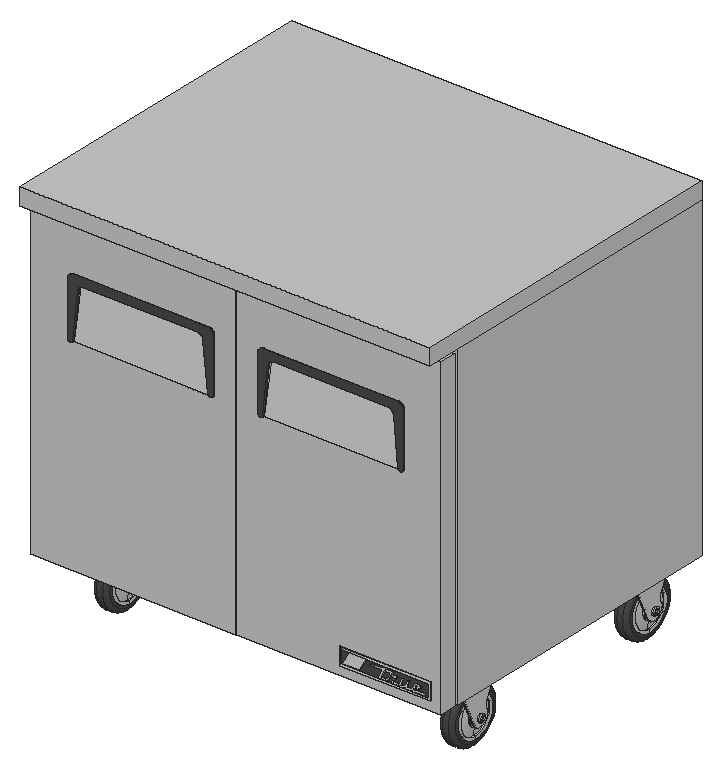
Revit family "QF_TRUE_TUC-36-HC", category Specialty Equipment, Revit 2016
Family settings
  Part Type = Normal
  Round Connector Dimension = Use Diameter
  Work Plane-Based = No
  Always vertical = Yes
  Cut with Voids When Loaded = No
  Shared = Yes
  Room Calculation Point = No
Parameters
  Weight in Pounds = 235
  Watts = FL Amps * Volts  # 230 W
  Volts = 115 V
  URL Manufacturer = "www.truemfg.com"
  URL = "www.truemfg.com"
  Type Mark [instance] = ""
  Status [instance] = ""
  Specification by User [instance] = ""
  Specification by Manufacturer = ""
  Show Seismic Flanged [instance] = no
  Show Low Profile Model [instance] = no
  Show Logo [instance] = yes
  Show Legs [instance] = no
  Show Clearance [instance] = yes
  Show Default Model [instance] = and(not(Show Seismic Flanged), not(Show ADA Compliant Model), not(Show Low Profile Model), not(Show Legs))  # yes
  Show ADA Compliant Model [instance] = no
  Serial Number = ""
  Seismic Rating = ""
  Seismic Plate [instance] = and(not(Show Default Model), Show Seismic Flanged)  # no
  SMACNA No = ""
  Revision Code [instance] = ""
  Phase = 1
  Omniclass Number and Title = ""
  Number of Poles [instance] = 1
  NAFEM Spec ID Number = ""
  Model = "TUC-36-HC"
  Min Ckt Ampacity = 0 A
  Max Overcurrent Protection = 0 A
  MasterSpec. = ""
  Manufacturer = "TRUE"
  Low Profile [instance] = and(not(Show Default Model), Show Low Profile Model)  # no
  Length = 36 3/8"
  Legs [instance] = and(not(Show Default Model), or(Show Legs, Show Seismic Flanged))  # no
  Item Number [instance] = ""
  Installed By [instance] = ""
  Identify Quantity as Lot [instance] = yes
  Height [instance] = 35 15/16"
  HP = "1/6"
  Furnished By [instance] = ""
  Foodservice Equipment Identifier [instance] = yes
  FL Amps = 2 A
  Electrical Remarks [instance] = ""
  Electric Connection Type [instance] = ""
  Elec Conn RI Height [instance] = 0"
  Elec Conn Connection Height [instance] = 0"
  Description = "UNDERCOUNTER: SOLID DOOR REFRIGERATOR WITH SPEC PACKAGE 1"
  Depth = 30 1/8"
  Cycle = 60 Hz
  Conn Plug = "NEMA 5-15P"
  Conn Conduit = yes
  CSI MasterFormat = ""
  CSI Master Format = ""
  Base Height [instance] = if(Show Default Model, 6 3/16", if(Legs, 6", if(ADA Compliant Model, 4 1/4", if(Show Low Profile Model, 2 1/8", 6 1/4"))))  # 6 3/16"
  Apparent Power = if(Phase = 3, Volts * FL Amps * 1.73, Volts * FL Amps)  # 230 VA
  ADA Compliant Model [instance] = and(not(Show Default Model), Show ADA Compliant Model)  # no
Reference planes (in)
  plane 1 "BACK": y = -16.5
  plane 2: z = 0
  plane 3 "LEFT": x = 0
  plane 4 "RIGHT": x = 36.375
  plane 5 "FRONT": y = -47.625
  plane 6 "TOP": z = 35.9375
  plane 7: z = 6.1875
  plane 8: y = -63.25
  plane 9: y = -17.5
  plane 10: x = 18.1875
  plane 11: z = 6.125
Dimensions and locks (in)
  "Length": plane 3 "LEFT" to plane 4 "RIGHT"
  plane 4 "RIGHT" to plane 3 "LEFT" = 36 3/8"
  plane 5 "FRONT" to plane 1 "BACK" = 31 1/8"  (x2)
  "Base Height": plane 7 to level
  plane 1 "BACK" to plane 8 = 46 3/4"
  locked: plane 6 "TOP" to plane 7 at 29.75
  "Height": plane 6 "TOP" to level
  equal spacing: plane 3 "LEFT", plane 10, plane 4 "RIGHT"
  "Depth": plane 5 "FRONT" to plane 9
  plane 7 to plane 11 = 1/16"
  plane 11 to plane 2 = 6 1/8"
  aligned and locked: level to plane 2
  aligned and locked: plane 3 "LEFT" to nested 1  (x2)
  aligned and locked: plane 7 to nested 1
  aligned and locked: nested 1 to plane 7
Nested families (in)
  nested 1: "TUC-36-HC" at (0, 0, 2.1875), Show Logo <- "Show Logo", Show Clearance <- "Show Clearance", type "TUC-36-HC"
    with Show Logo yes, Show Clearance yes
  nested 2: "CASTERS & LEGS" at (2.84375, -21.74082, 0), Legs <- "Legs", Seismic Plate <- "Seismic Plate", Show 4.25" Casters <- "ADA Compliant Model", type "CASTERS & LEGS"
    with Type Mark "", Status "", Specification by User "", Show 4.25" Casters no, Seismic Plate no, Revision Code "", Legs no, Item Number "", Installed By "", Identify Quantity as Lot yes, Furnished By "", Foodservice Equipment Identifier yes
  nested 3: "CASTERS & LEGS" at (33.53125, -21.74082, 0), Legs <- "Legs", Seismic Plate <- "Seismic Plate", Show 4.25" Casters <- "ADA Compliant Model", type "CASTERS & LEGS"
    with Type Mark "", Status "", Specification by User "", Show 4.25" Casters no, Seismic Plate no, Revision Code "", Legs no, Item Number "", Installed By "", Identify Quantity as Lot yes, Furnished By "", Foodservice Equipment Identifier yes
  nested 4: "CASTERS & LEGS" at (33.53125, -41.06531, 0), Legs <- "Legs", Seismic Plate <- "Seismic Plate", Show 4.25" Casters <- "ADA Compliant Model", type "CASTERS & LEGS"
    with Type Mark "", Status "", Specification by User "", Show 4.25" Casters no, Seismic Plate no, Revision Code "", Legs no, Item Number "", Installed By "", Identify Quantity as Lot yes, Furnished By "", Foodservice Equipment Identifier yes
  nested 5: "CASTERS & LEGS" at (2.84375, -41.06531, 0), Legs <- "Legs", Seismic Plate <- "Seismic Plate", Show 4.25" Casters <- "ADA Compliant Model", type "CASTERS & LEGS"
    with Type Mark "", Status "", Specification by User "", Show 4.25" Casters no, Seismic Plate no, Revision Code "", Legs no, Item Number "", Installed By "", Identify Quantity as Lot yes, Furnished By "", Foodservice Equipment Identifier yes
  nested 6: "CASTERS" at (2.84375, -41.06531, 0), Show 6" Casters <- "Show Default Model", type "CASTERS"
    with Type Mark "", Status "", Specification by User "", Show 6" Casters yes, Revision Code "", Item Number "", Installed By "", Identify Quantity as Lot yes, Furnished By "", Foodservice Equipment Identifier yes
  nested 7: "CASTERS" at (2.84375, -21.74082, 0), Show 6" Casters <- "Show Default Model", type "CASTERS"
    with Type Mark "", Status "", Specification by User "", Show 6" Casters yes, Revision Code "", Item Number "", Installed By "", Identify Quantity as Lot yes, Furnished By "", Foodservice Equipment Identifier yes
  nested 8: "CASTERS" at (33.53125, -41.06531, 0), Show 6" Casters <- "Show Default Model", type "CASTERS"
    with Type Mark "", Status "", Specification by User "", Show 6" Casters yes, Revision Code "", Item Number "", Installed By "", Identify Quantity as Lot yes, Furnished By "", Foodservice Equipment Identifier yes
  nested 9: "CASTERS" at (33.53125, -21.74082, 0), Show 6" Casters <- "Show Default Model", type "CASTERS"
    with Type Mark "", Status "", Specification by User "", Show 6" Casters yes, Revision Code "", Item Number "", Installed By "", Identify Quantity as Lot yes, Furnished By "", Foodservice Equipment Identifier yes
  nested 10: "LOW PROFILE CASTERS" at (2.84375, -21.74082, 0), Show Casters <- "Low Profile", type "LOW PROFILE CASTERS"
    with Type Mark "", Status "", Specification by User "", Show Casters no, Revision Code "", Item Number "", Installed By "", Identify Quantity as Lot yes, Furnished By "", Foodservice Equipment Identifier yes
  nested 11: "LOW PROFILE CASTERS" at (33.53125, -41.06531, 0), Show Casters <- "Low Profile", type "LOW PROFILE CASTERS"
    with Type Mark "", Status "", Specification by User "", Show Casters no, Revision Code "", Item Number "", Installed By "", Identify Quantity as Lot yes, Furnished By "", Foodservice Equipment Identifier yes
  nested 12: "LOW PROFILE CASTERS" at (2.84375, -41.06531, 0), Show Casters <- "Low Profile", type "LOW PROFILE CASTERS"
    with Type Mark "", Status "", Specification by User "", Show Casters no, Revision Code "", Item Number "", Installed By "", Identify Quantity as Lot yes, Furnished By "", Foodservice Equipment Identifier yes
  nested 13: "LOW PROFILE CASTERS" at (33.53125, -21.74082, 0), Show Casters <- "Low Profile", type "LOW PROFILE CASTERS"
    with Type Mark "", Status "", Specification by User "", Show Casters no, Revision Code "", Item Number "", Installed By "", Identify Quantity as Lot yes, Furnished By "", Foodservice Equipment Identifier yes
Connectors (in)
  electrical at (32.87821, -17.5, 11.9375), driven by "Volts", driven by "Watts"
    settings: on nested 1, index 1, voltage 115 V, apparent load 230 VA, apparent load phase1 0 VA, apparent load phase2 0 VA, apparent load phase3 0 VA, power factor 1, load classification "Other", number of poles 1, system type 30, power factor state 1, is connector primary yes, connector utility no, sub classification motor no, connector description "ELECTRICAL CONNECTION"
Definition of nested family "TUC-36-HC"
  Parameters (values of type "TUC-36-ADA-HC")
    URL = ""
    Show Logo [instance] = yes
    Show Clearance [instance] = yes
    Show Casters [instance] = yes
    Model = ""
    Manufacturer = ""
    Description = ""
    Assembly Code = ""
  Reference planes (in)
    plane 1 "BACK": y = -16.5
    plane 2: z = 0
    plane 3 "LEFT": x = 0
    plane 4 "RIGHT": x = 36.375
    plane 5 "FRONT": y = -47.625
    plane 6 "TOP": z = 33.75
    plane 7: z = 4
    plane 8: y = -46.625
    plane 9: y = -41.06531
    plane 10: x = 18.1875
    plane 11: y = -17.5
    plane 12: y = -47.5625
    plane 13: z = 27.63
    plane 14: z = 22.15093
    plane 15: z = 27.63
    plane 16: z = 22.15093
  Forms (in)
    Extrusion 1, solid
      sketch origin (0, -1, -2.25) x (0, 1, 0) y (0, 0, 1)
        loop
          line (-46.625, 36) -> (-46.625, 34.5) -> (-16.5, 34.5) -> (-16.5, 36) -> (-46.625, 36)
      from 0 to 36.375
    Extrusion 2, solid
      sketch origin (0, -1, -2.25) x (0, 1, 0) y (0, 0, 1)
        loop
          line (-43.495, 34.5) -> (-43.495, 6.25) -> (-16.5, 6.25) -> (-16.5, 34.5) -> (-43.495, 34.5)
      from 0 to 36.1875
    Extrusion 3, solid
      sketch origin (0, -13.375, -2.25) x (1, 0, 0) y (0, 0, 1)
        loop
          line (36.375, 6.25) -> (36.375, 34.28323) -> (18.21875, 34.28323) -> (18.21875, 6.25) -> (36.375, 6.25)
        loop
          line (0, 34.28323) -> (0, 6.25) -> (18.15625, 6.25) -> (18.15625, 34.28323) -> (0, 34.28323)
      from 31.44201 to 33
    Extrusion 4, solid
      sketch origin (0, 2.875, -2.25) x (0, 1, 0) y (0, 0, 1)
        loop
          line (-47.69201, 33.8406) -> (-47.69201, 6.82675) -> (-47.37, 6.82675) -> (-47.37, 33.8406) -> (-47.69201, 33.8406)
      from 0.5 to 36
    Extrusion 5, solid
      sketch origin (16.66923, -1, -1.72683) x (0, 1, 0) y (0, 0, 1)
        loop
          line (-43.495, 33.97683) -> (-43.495, 5.72683) -> (-16.5, 5.72683) -> (-16.5, 33.97683) -> (-43.495, 33.97683)
      from 19.51827 to 19.70577
    Extrusion 6, solid
      sketch origin (0, -16.5, -2.25) x (1, 0, 0) y (0, 0, 1)
        loop
          line (11.4375, 6.25) -> (11.4375, 4.375) -> (24.9375, 4.375) -> (24.9375, 6.25) -> (11.4375, 6.25)
      from 1.69409 to 21.69409
    Extrusion 7, solid
      sketch origin (-1.16554, -17.5, -2.25) x (1, 0, 0) y (0, 0, 1)
        loop
          circle (34.04375, 12) r 0.25
      from 0 to 0.0625
    Extrusion 8, solid, visible <- "Show Clearance", detail levels coarse
      sketch origin (17.8682, -37.72639, 0) x (-1, 0, 0) y (0, -1, 0)
        loop
          arc (-0.35055, 8.64861) -> (-5.6684, 21.48702) -> (-18.5068, 26.80486) r 18.15625
          line (-18.5068, 26.80486) -> (-18.5068, 8.64861) -> (-0.35055, 8.64861)
        loop
          line (-0.28805, 8.64861) -> (17.8682, 8.64861) -> (17.8682, 26.80486)
          arc (17.8682, 26.80486) -> (5.02979, 21.48702) -> (-0.28805, 8.64861) r 18.15625
      from 4 to 32.03323
    Revolve 9, solid
      sketch origin (0, -16.5155, 21) x (1, 0, 0) y (0, 1, 0)
        loop
          line (30.60203, -0.9845) -> (31.07078, -0.9845) -> (31.07078, 0.0155) -> (30.60203, 0.0155) -> (30.60203, -0.9845)
        axis (30.60203, -0.9845) -> (30.60203, 0.0155)
      angle from 0 to 360
    Revolve 10, solid
      sketch origin (-12.93057, -16.5155, 21) x (1, 0, 0) y (0, 1, 0)
        loop
          line (18.64104, -0.9845) -> (19.10979, -0.9845) -> (19.10979, 0.0155) -> (18.64104, 0.0155) -> (18.64104, -0.9845)
        axis (18.64104, -0.9845) -> (18.64104, 0.0155)
      angle from 0 to 360
    Extrusion 11, void
      sketch origin (9.75, -13.78209, 48) x (0, -1, 0) y (0, 0, 1)
        loop
          line (32.59291, -20.37) -> (31.52391, -20.37) -> (32.59291, -25.84907) -> (32.59291, -20.37)
      from -6 to 6
    Extrusion 12, solid
      sketch origin (-2.25, -46.375, 0) x (1, 0, 0) y (0, 0, 1)
        loop
          line (5.52833, 27.13) -> (5.52833, 22.36054)
          arc (5.52833, 22.36054) -> (5.74774, 22.11831) -> (6.01044, 22.31274) r 0.24342
          line (6.01044, 22.31274) -> (6.44945, 26.42717)
          arc (6.44945, 26.42717) -> (6.61215, 26.74648) -> (6.94671, 26.87491) r 0.5
          line (6.94671, 26.87491) -> (17.05329, 26.87491)
          arc (17.05329, 26.87491) -> (17.38785, 26.74648) -> (17.55055, 26.42717) r 0.5
          line (17.55055, 26.42717) -> (17.98956, 22.31274)
          arc (17.98956, 22.31274) -> (18.25226, 22.11831) -> (18.47166, 22.36054) r 0.24342
          line (18.47166, 22.36054) -> (18.47166, 27.13)
          arc (18.47166, 27.13) -> (18.32522, 27.48356) -> (17.97166, 27.63) r 0.5
          line (17.97166, 27.63) -> (6.02833, 27.63)
          arc (6.02833, 27.63) -> (5.67478, 27.48356) -> (5.52833, 27.13) r 0.5
      from 0 to 0.0625
    Extrusion 13, void
      sketch origin (26.625, -13.78209, 48) x (0, -1, 0) y (0, 0, -1)
        loop
          line (32.59291, 20.37) -> (32.59291, 25.84907) -> (31.52391, 20.37) -> (32.59291, 20.37)
      from -6 to 6
    Extrusion 14, solid
      sketch origin (38.625, -46.375, 0) x (-1, 0, 0) y (0, 0, -1)
        loop
          arc (5.52833, -27.13) -> (5.67478, -27.48356) -> (6.02833, -27.63) r 0.5
          line (6.02833, -27.63) -> (17.97166, -27.63)
          arc (17.97166, -27.63) -> (18.32522, -27.48356) -> (18.47166, -27.13) r 0.5
          line (18.47166, -27.13) -> (18.47166, -22.36054)
          arc (18.47166, -22.36054) -> (18.25226, -22.11831) -> (17.98956, -22.31274) r 0.24342
          line (17.98956, -22.31274) -> (17.55055, -26.42717)
          arc (17.55055, -26.42717) -> (17.38785, -26.74648) -> (17.05329, -26.87491) r 0.5
          line (17.05329, -26.87491) -> (6.94671, -26.87491)
          arc (6.94671, -26.87491) -> (6.61215, -26.74648) -> (6.44945, -26.42717) r 0.5
          line (6.44945, -26.42717) -> (6.01044, -22.31274)
          arc (6.01044, -22.31274) -> (5.74774, -22.11831) -> (5.52833, -22.36054) r 0.24342
          line (5.52833, -22.36054) -> (5.52833, -27.13)
      from 0 to 0.0625
  Cuts and joins
    joined: Extrusion 2, Extrusion 5
    Extrusion 11, Extrusion 13 cuts Extrusion 3
    Extrusion 13 cuts Extrusion 8
  Lines and regions (in)
    symbolic lines
      curve 1: line (0, -17.5, 0) -> (36.375, -17.5, 0)
      curve 2: line (0, -47.625, 0) -> (0, -17.5, 0)
      curve 3: line (36.375, -47.625, 0) -> (0, -47.625, 0)
      curve 4: line (36.375, -17.5, 0) -> (36.375, -47.625, 0)
      curve 5: line (6.17922, -16.5, 0) -> (5.24172, -16.5, 0)
      curve 6: line (6.17922, -16.5, 0) -> (6.17922, -17.5, 0)
      curve 7: line (5.24172, -16.5, 0) -> (5.24172, -17.5, 0)
      curve 8: line (30.13328, -16.5, 0) -> (31.07078, -16.5, 0)
      curve 9: line (30.13328, -16.5, 0) -> (30.13328, -17.5, 0)
      curve 10: line (31.07078, -16.5, 0) -> (31.07078, -17.5, 0)
    symbolic lines, visible <- "Show Clearance", detail levels coarse
      curve 11: arc (18.51322, -47.625, 0) -> (19.22553, -51.52294, 0) -> (20.77772, -55.16877, 0) r 17.90546
      curve 12: line (34.27029, -47.625, 0) -> (20.77772, -55.16877, 0)
      curve 13: arc (17.86178, -47.625, 0) -> (17.14947, -51.52294, 0) -> (15.59728, -55.16877, 0) r 17.90546
      curve 14: line (2.10471, -47.625, 0) -> (15.59728, -55.16877, 0)
  Dimensions and locks (in)
    plane 3 "LEFT" to plane 4 "RIGHT" = 36 3/8"
    plane 4 "RIGHT" to plane 3 "LEFT" = 36 3/8"
    plane 6 "TOP" to level = 33 3/4"
    plane 5 "FRONT" to plane 1 "BACK" = 31 1/8"  (x2)
    plane 7 to level = 4"
    plane 6 "TOP" to plane 7 = 29 3/4"
    equal spacing: plane 3 "LEFT", plane 10, plane 4 "RIGHT"
    plane 12 to plane 11 = 30 1/16"
    plane 5 "FRONT" to plane 11 = 30 1/8"
    aligned and locked: level to plane 2
    aligned and locked: plane 4 "RIGHT" to Extrusion 1
    aligned: plane 4 "RIGHT" to Extrusion 5
    aligned and locked: Extrusion 6 to Extrusion 3
  Automatic sketch dimensions
    curve 1 to plane 3 "LEFT" = 0"
    curve 13 to plane 3 "LEFT" = 0"
    curve 14 to plane 12 = 1/16"
    plane 1 "BACK" to curve 7 = 0"
    curve 7 to plane 11 = 0"
    plane 1 "BACK" to curve 9 = 0"
    curve 4 to plane 4 "RIGHT" = 0"
    curve 11 to plane 4 "RIGHT" = 0"
    curve 5 to curve 6 = 15/16"
    plane 10 to curve 14 = 2.59022"
    curve 12 to plane 10 = 2.59022"
    curve 9 to plane 4 "RIGHT" = 6.24172"
    curve 8 to curve 10 = 15/16"
    plane 5 "FRONT" to curve 12 = 7.54377"
    curve 14 to curve 11 = 0"
    plane 8 to curve 13 = 1/4"
    plane 8 to curve 11 = 1/4"
    plane 3 "LEFT" to curve 14 = 2.10471"
    curve 12 to plane 4 "RIGHT" = 2.10471"
    Extrusion 1 sketch curve to plane 12 = 1/16"
    Extrusion 1 sketch curve to plane 11 = 0"
    Extrusion 1 sketch curve to plane 6 "TOP" = 0"
    Extrusion 1 sketch curve to Extrusion 1 sketch curve = 1 1/2"
    Extrusion 2 sketch curve to plane 7 = 0"
    Extrusion 2 sketch curve to plane 11 = 0"
    plane 8 to Extrusion 2 sketch curve = 2.13"
    Extrusion 2 sketch curve to plane 6 "TOP" = 1 1/2"
    Extrusion 3 sketch curve to plane 3 "LEFT" = 0"
    Extrusion 3 sketch curve to plane 7 = 0"  (x2)
    Extrusion 3 sketch curve to plane 4 "RIGHT" = 0"
    plane 10 to Extrusion 3 sketch curve = 1/32"
    Extrusion 3 sketch curve to plane 10 = 1/32"
    Extrusion 3 sketch curve to plane 6 "TOP" = 1.71677"
    Extrusion 3 sketch curve to Extrusion 3 sketch curve = 0"
    plane 7 to Extrusion 4 sketch curve = 0.57675"
    plane 8 to Extrusion 4 sketch curve = 1.80799"
    Extrusion 4 sketch curve to Extrusion 4 sketch curve = 0.32201"
    Extrusion 4 sketch curve to plane 6 "TOP" = 2.1594"
    Extrusion 5 sketch curve to plane 7 = 0"
    Extrusion 5 sketch curve to plane 11 = 0"
    plane 8 to Extrusion 5 sketch curve = 2.13"
    Extrusion 5 sketch curve to plane 6 "TOP" = 1 1/2"
    Extrusion 6 sketch curve to plane 7 = 0"
    Extrusion 6 sketch curve to plane 7 = 1 7/8"
    plane 10 to Extrusion 6 sketch curve = 6 3/4"
    Extrusion 6 sketch curve to plane 10 = 6 3/4"
    Extrusion 7 sketch curve to plane 4 "RIGHT" = 3.49679"
    plane 7 to Extrusion 7 sketch curve = 5 3/4"
    Extrusion 8 sketch curve to plane 4 "RIGHT" = 0"
    Extrusion 8 sketch curve to plane 3 "LEFT" = 0"
    Extrusion 8 sketch curve to plane 10 = 1/32"
    plane 10 to Extrusion 8 sketch curve = 1/32"
    plane 8 to Extrusion 8 sketch curve = 1/4"  (x2)
    Revolve 9 sketch curve to plane 11 = 0"
    plane 1 "BACK" to Revolve 9 sketch curve = 0"  (x2)
    Revolve 9 sketch curve to plane 4 "RIGHT" = 5.77297"
    Revolve 9 sketch curve to Revolve 9 sketch curve = 15/32"
    Revolve 9 sketch curve to Revolve 9 sketch curve = 0"
    Revolve 9 sketch curve to plane 1 "BACK" = 1/4"
    Revolve 10 sketch curve to plane 11 = 0"
    plane 1 "BACK" to Revolve 10 sketch curve = 0"
    plane 3 "LEFT" to Revolve 10 sketch curve = 5.71047"
    Revolve 10 sketch curve to Revolve 10 sketch curve = 15/32"
    Revolve 10 sketch curve to Revolve 10 sketch curve = 0"
    Revolve 10 sketch curve to Revolve 10 sketch curve = 0.0155"
    Revolve 10 sketch curve to plane 1 "BACK" = 0.2345"
    Extrusion 11 sketch curve to plane 13 = 0"
    Extrusion 11 sketch curve to plane 14 = 0"
    plane 8 to Extrusion 11 sketch curve = 1.319"
    plane 8 to Extrusion 11 sketch curve = 1/4"
    plane 3 "LEFT" to Extrusion 12 sketch curve = 3.27833"
    Extrusion 12 sketch curve to Extrusion 12 sketch curve = 0.24342"  (x2)
    Extrusion 12 sketch curve to Extrusion 12 sketch curve = 0.23868"  (x2)
    Extrusion 12 sketch curve to Extrusion 12 sketch curve = 1/2"
    Extrusion 12 sketch curve to Extrusion 12 sketch curve = 0.42112"
    Extrusion 12 sketch curve to Extrusion 12 sketch curve = 0.49726"  (x2)
    plane 10 to Extrusion 12 sketch curve = 3.38421"
    Extrusion 12 sketch curve to Extrusion 12 sketch curve = 0.91838"
    plane 10 to Extrusion 12 sketch curve = 2.44794"
    Extrusion 12 sketch curve to plane 6 "TOP" = 11.43726"  (x2)
    Extrusion 12 sketch curve to Extrusion 12 sketch curve = 4.06217"  (x2)
    Extrusion 12 sketch curve to Extrusion 12 sketch curve = 0.05226"
    Extrusion 12 sketch curve to Extrusion 12 sketch curve = 0.70283"
    Extrusion 13 sketch curve to plane 15 = 0"
    Extrusion 13 sketch curve to plane 16 = 0"
    plane 8 to Extrusion 13 sketch curve = 1.319"
    plane 8 to Extrusion 13 sketch curve = 1/4"
    Extrusion 14 sketch curve to plane 4 "RIGHT" = 3.27833"
    Extrusion 14 sketch curve to Extrusion 14 sketch curve = 0.24342"  (x2)
    Extrusion 14 sketch curve to Extrusion 14 sketch curve = 0.23868"  (x2)
    Extrusion 14 sketch curve to Extrusion 14 sketch curve = 1/2"
    Extrusion 14 sketch curve to Extrusion 14 sketch curve = 0.42112"
    Extrusion 14 sketch curve to Extrusion 14 sketch curve = 0.49726"  (x2)
    Extrusion 14 sketch curve to plane 10 = 3.38421"
    Extrusion 14 sketch curve to Extrusion 14 sketch curve = 0.91838"
    Extrusion 14 sketch curve to plane 10 = 2.44794"
    Extrusion 14 sketch curve to plane 6 "TOP" = 6.12"
    Extrusion 14 sketch curve to Extrusion 14 sketch curve = 0.25509"
    Extrusion 14 sketch curve to Extrusion 14 sketch curve = 0.44774"  (x2)
    Extrusion 14 sketch curve to Extrusion 14 sketch curve = 4.06664"  (x2)
    plane 3 "LEFT" to curve 7 = 5.24172"
    radius of Extrusion 7 sketch curve = 1/4"
  Nested families (in)
    nested 1: "QF_LOGO_TRUE" at (27.4375, -46.4375, 4.84725), Show Logo <- "Show Logo", type "QF_LOGO_TRUE", detail levels medium+fine
      with Show Logo yes
  Definition of nested family "QF_LOGO_TRUE"
    Parameters (values of type "QF_LOGO_TRUE")
      Show Logo [instance] = yes
    Reference planes (in)
      plane 1 "Center (Front/Back)": y = 0
      plane 2: z = 0
      plane 3 "Center (Left/Right)": x = 0
    Forms (in)
      Extrusion 1, solid, visible <- "Show Logo"
        sketch origin (-78.34647, 34.76905, -30.51001) x (1, 0, 0) y (0, 0, 1)
          loop
            line (81.15226, 31.65456) -> (81.07353, 31.48573) -> (82.12083, 31.48573)
            arc (82.12083, 31.48573) -> (82.14208, 31.44814) -> (82.12083, 31.41055) r 0.04386
            line (82.12083, 31.41055) -> (81.84767, 30.82478)
            arc (81.84767, 30.82478) -> (81.84531, 30.77052) -> (81.882, 30.73048) r 0.07096
            line (81.882, 30.73048) -> (82.55165, 30.73048)
            arc (82.55165, 30.73048) -> (82.63621, 30.75714) -> (82.69019, 30.82748) r 0.14742
            line (82.69019, 30.82748) -> (82.90515, 31.28847) -> (83.10265, 31.28847)
            arc (83.10265, 31.28847) -> (83.15447, 31.26942) -> (83.14697, 31.21472) r 0.04405
            line (83.14697, 31.21472) -> (82.9671, 30.82899)
            arc (82.9671, 30.82899) -> (82.9699, 30.76493) -> (83.02398, 30.73048) r 0.06943
            line (83.02398, 30.73048) -> (83.6124, 30.73048)
            arc (83.6124, 30.73048) -> (83.65748, 30.74689) -> (83.68147, 30.78844) r 0.07014
            arc (83.68147, 30.78844) -> (83.69845, 30.74745) -> (83.73943, 30.73048) r 0.05796
            line (83.73943, 30.73048) -> (84.112, 30.73048)
            arc (84.112, 30.73048) -> (84.15504, 30.74201) -> (84.18655, 30.77352) r 0.08608
            arc (84.18655, 30.77352) -> (84.20164, 30.7371) -> (84.23806, 30.72202) r 0.0515
            line (84.23806, 30.72202) -> (84.76757, 30.72202)
            arc (84.76757, 30.72202) -> (84.81086, 30.73995) -> (84.8288, 30.78324) r 0.06122
            arc (84.8288, 30.78324) -> (84.86848, 30.74355) -> (84.92269, 30.72903) r 0.10842
            line (84.92269, 30.72903) -> (85.91461, 30.72903) -> (86.02479, 30.91987) -> (85.0243, 30.91987)
            arc (85.0243, 30.91987) -> (84.99669, 30.93902) -> (84.99566, 30.97261) r 0.03732
            line (84.99566, 30.97261) -> (85.01297, 31.00972)
            arc (85.01297, 31.00972) -> (85.03954, 31.04453) -> (85.0813, 31.05774) r 0.07263
            line (85.0813, 31.05774) -> (85.40289, 31.05774)
            arc (85.40289, 31.05774) -> (85.4723, 31.07633) -> (85.52311, 31.12715) r 0.13882
            line (85.52311, 31.12715) -> (85.61625, 31.28847)
            arc (85.61625, 31.28847) -> (85.61625, 31.37458) -> (85.54168, 31.41763) r 0.08611
            line (85.54168, 31.41763) -> (85.20227, 31.41763)
            arc (85.20227, 31.41763) -> (85.11574, 31.40294) -> (85.05538, 31.33923) r 0.13863
            line (85.05538, 31.33923) -> (84.89409, 30.99333)
            arc (84.89409, 30.99333) -> (84.84649, 30.9313) -> (84.77191, 30.90778) r 0.13002
            line (84.77191, 30.90778) -> (84.41984, 30.90778)
            arc (84.41984, 30.90778) -> (84.3777, 30.95378) -> (84.38042, 31.0161) r 0.08151
            line (84.38042, 31.0161) -> (84.56766, 31.41763) -> (84.44849, 31.41763) -> (84.25012, 30.99222)
            arc (84.25012, 30.99222) -> (84.21158, 30.94199) -> (84.15119, 30.92296) r 0.10527
            line (84.15119, 30.92296) -> (83.90842, 30.92296)
            arc (83.90842, 30.92296) -> (83.8674, 30.97642) -> (83.87619, 31.04323) r 0.08805
            line (83.87619, 31.04323) -> (84.05078, 31.41763) -> (83.92772, 31.41763) -> (83.72676, 30.98668)
            arc (83.72676, 30.98668) -> (83.68011, 30.94003) -> (83.61639, 30.92296) r 0.12745
            line (83.61639, 30.92296) -> (83.26484, 30.92296)
            arc (83.26484, 30.92296) -> (83.2017, 30.9524) -> (83.19563, 31.0218) r 0.06967
            line (83.19563, 31.0218) -> (83.31118, 31.26961) -> (83.47452, 31.26961)
            arc (83.47452, 31.26961) -> (83.50209, 31.35268) -> (83.56075, 31.41763) r 0.21289
            line (83.56075, 31.41763) -> (82.92244, 31.41763)
            arc (82.92244, 31.41763) -> (82.85151, 31.40191) -> (82.80242, 31.34834) r 0.12081
            line (82.80242, 31.34834) -> (82.6294, 30.9773)
            arc (82.6294, 30.9773) -> (82.58962, 30.93752) -> (82.53528, 30.92296) r 0.10869
            line (82.53528, 30.92296) -> (82.1542, 30.92296)
            arc (82.1542, 30.92296) -> (82.12446, 30.96315) -> (82.13012, 31.01283) r 0.06822
            line (82.13012, 31.01283) -> (82.38156, 31.48573) -> (83.01596, 31.48573) -> (83.09469, 31.65456) -> (82.46029, 31.65456) -> (82.53902, 31.8234) -> (82.31334, 31.8234) -> (82.23461, 31.65456) -> (81.15226, 31.65456)
          loop
            arc (85.15937, 31.26434) -> (85.13191, 31.25698) -> (85.1118, 31.23688) r 0.05494
            line (85.1118, 31.23688) -> (85.09547, 31.18665)
            arc (85.09547, 31.18665) -> (85.10304, 31.16837) -> (85.12133, 31.16079) r 0.02586
            line (85.12133, 31.16079) -> (85.39889, 31.16079)
            arc (85.39889, 31.16079) -> (85.41888, 31.16523) -> (85.43513, 31.1777) r 0.04731
            line (85.43513, 31.1777) -> (85.44863, 31.2402)
            arc (85.44863, 31.2402) -> (85.44466, 31.25693) -> (85.42914, 31.26434) r 0.01994
            line (85.42914, 31.26434) -> (85.15937, 31.26434)
          loop
            line (78.62961, 30.74125) -> (80.12032, 30.74125) -> (80.73891, 31.81268) -> (79.2482, 31.81268) -> (78.62961, 30.74125)
        from 34.76797 to 34.83173
      Extrusion 2, solid, visible <- "Show Logo"
        sketch origin (-142.84857, 34.75108, -33.3546) x (1, 0, 0) y (0, 0, 1)
          loop
            line (150.81107, 34.71978) -> (142.98607, 34.71978) -> (142.98607, 33.4921) -> (150.81107, 33.4921) -> (150.81107, 34.71978)
        from 34.75108 to 34.78125
      Extrusion 3, solid, visible <- "Show Logo"
        sketch origin (-142.84857, 34.75108, -33.3546) x (1, 0, 0) y (0, 0, 1)
          loop
            line (150.94857, 34.85727) -> (142.84857, 34.85727) -> (142.84857, 33.3546) -> (150.94857, 33.3546) -> (150.94857, 34.85727)
          loop
            line (142.98607, 34.71978) -> (142.98607, 33.4921) -> (150.81107, 33.4921) -> (150.81107, 34.71978) -> (142.98607, 34.71978)
        from 34.75108 to 34.81376
      Extrusion 4, solid, not visible
        sketch origin (121.45701, -16.5, 4.98235) x (1, 0, 0) y (0, 0, 1)
          loop
            line (25.20115, 35.89949) -> (25.20115, 33.96647) -> (30.95381, 33.96647) -> (30.95381, 35.89949) -> (25.20115, 35.89949)
        from 31.5 to 31.54261
      Extrusion 5, solid, not visible
        sketch origin (121.45701, -16.5, 4.98235) x (1, 0, 0) y (0, 0, 1)
          loop
            line (26.7387, 34.95472) -> (26.61492, 34.49276) -> (27.038, 34.49276)
            arc (27.038, 34.49276) -> (27.13117, 34.52484) -> (27.18485, 34.60749) r 0.15134
            arc (27.18485, 34.60749) -> (27.20396, 34.68138) -> (27.22435, 34.75493) r 4.37326
            arc (27.22435, 34.75493) -> (27.23458, 34.81765) -> (27.22435, 34.88037) r 0.1974
            arc (27.22435, 34.88037) -> (27.18247, 34.93579) -> (27.11563, 34.95472) r 0.10914
            line (27.11563, 34.95472) -> (26.7387, 34.95472)
          loop
            line (26.90201, 34.80638) -> (26.84645, 34.59903) -> (26.92855, 34.59903)
            arc (26.92855, 34.59903) -> (26.98205, 34.6185) -> (27.01051, 34.6678) r 0.08322
            line (27.01051, 34.6678) -> (27.02399, 34.74424)
            arc (27.02399, 34.74424) -> (27.01491, 34.78454) -> (26.97985, 34.80638) r 0.05353
            line (26.97985, 34.80638) -> (26.90201, 34.80638)
          loop
            line (27.45336, 34.66131) -> (27.76233, 34.66131) -> (27.78859, 34.73909)
            arc (27.78859, 34.73909) -> (27.7878, 34.82039) -> (27.73107, 34.87864) r 0.10925
            arc (27.73107, 34.87864) -> (27.68233, 34.8944) -> (27.63139, 34.89974) r 0.24595
            line (27.63139, 34.89974) -> (27.46708, 34.89974)
            arc (27.46708, 34.89974) -> (27.4068, 34.88073) -> (27.3535, 34.84677) r 0.2421
            arc (27.3535, 34.84677) -> (27.2897, 34.76363) -> (27.26702, 34.66131) r 0.2421
            line (27.26702, 34.66131) -> (27.26702, 34.54477)
            arc (27.26702, 34.54477) -> (27.31618, 34.4956) -> (27.38334, 34.47761) r 0.13431
            line (27.38334, 34.47761) -> (27.59054, 34.47761)
            arc (27.59054, 34.47761) -> (27.63459, 34.48281) -> (27.67622, 34.49812) r 0.18924
            line (27.67622, 34.49812) -> (27.73102, 34.61563)
            arc (27.73102, 34.61563) -> (27.68453, 34.59565) -> (27.63566, 34.58252) r 0.35376
            arc (27.63566, 34.58252) -> (27.55885, 34.56956) -> (27.48204, 34.58252) r 0.23415
            arc (27.48204, 34.58252) -> (27.44492, 34.61362) -> (27.45336, 34.66131) r 0.04838
          loop
            line (27.4842, 34.73042) -> (27.62012, 34.73042) -> (27.62621, 34.76496)
            arc (27.62621, 34.76496) -> (27.58961, 34.80242) -> (27.53739, 34.80638) r 0.0742
            arc (27.53739, 34.80638) -> (27.49747, 34.77773) -> (27.4842, 34.73042) r 0.0742
          loop
            line (27.91616, 34.97572) -> (27.78675, 34.49276) -> (27.98645, 34.49276) -> (28.11586, 34.97572) -> (27.91616, 34.97572)
          loop
            line (28.13678, 34.66131) -> (28.08755, 34.47761) -> (28.27134, 34.47761) -> (28.32056, 34.66131) -> (28.43674, 34.66131) -> (28.47974, 34.78864) -> (28.36519, 34.78864)
            arc (28.36519, 34.78864) -> (28.35733, 34.81649) -> (28.36921, 34.84288) r 0.04231
            arc (28.36921, 34.84288) -> (28.431, 34.8652) -> (28.49617, 34.85686) r 0.13988
            line (28.49617, 34.85686) -> (28.53544, 34.97317)
            arc (28.53544, 34.97317) -> (28.39725, 34.99096) -> (28.25905, 34.97317) r 0.54546
            arc (28.25905, 34.97317) -> (28.20849, 34.91994) -> (28.18197, 34.85147) r 0.1894
            line (28.18197, 34.85147) -> (28.17089, 34.78864) -> (28.11397, 34.78864) -> (28.07985, 34.66131) -> (28.13678, 34.66131)
          loop
            arc (28.74846, 34.89756) -> (28.65884, 34.88533) -> (28.56922, 34.89756) r 0.33455
            line (28.56922, 34.89756) -> (28.45669, 34.47761) -> (28.63593, 34.47761) -> (28.74846, 34.89756)
          loop
            arc (28.60398, 35.01195) -> (28.57699, 34.97173) -> (28.60398, 34.9315) r 0.04347
            line (28.60398, 34.9315) -> (28.75755, 34.9315)
            arc (28.75755, 34.9315) -> (28.78645, 34.96687) -> (28.77911, 35.01195) r 0.0556
            line (28.77911, 35.01195) -> (28.60398, 35.01195)
          loop
            line (28.95336, 34.66131) -> (29.26233, 34.66131) -> (29.28859, 34.73909)
            arc (29.28859, 34.73909) -> (29.2878, 34.82039) -> (29.23107, 34.87864) r 0.10925
            arc (29.23107, 34.87864) -> (29.18233, 34.8944) -> (29.13139, 34.89974) r 0.24595
            line (29.13139, 34.89974) -> (28.96708, 34.89974)
            arc (28.96708, 34.89974) -> (28.9068, 34.88073) -> (28.8535, 34.84677) r 0.2421
            arc (28.8535, 34.84677) -> (28.7897, 34.76363) -> (28.76702, 34.66131) r 0.2421
            line (28.76702, 34.66131) -> (28.76702, 34.54477)
            arc (28.76702, 34.54477) -> (28.81618, 34.4956) -> (28.88334, 34.47761) r 0.13431
            line (28.88334, 34.47761) -> (29.09054, 34.47761)
            arc (29.09054, 34.47761) -> (29.13459, 34.48281) -> (29.17622, 34.49812) r 0.18924
            line (29.17622, 34.49812) -> (29.23102, 34.61563)
            arc (29.23102, 34.61563) -> (29.18453, 34.59565) -> (29.13566, 34.58252) r 0.35376
            arc (29.13566, 34.58252) -> (29.05885, 34.56956) -> (28.98204, 34.58252) r 0.23415
            arc (28.98204, 34.58252) -> (28.94492, 34.61362) -> (28.95336, 34.66131) r 0.04838
          loop
            line (28.9842, 34.73042) -> (29.12012, 34.73042) -> (29.12621, 34.76496)
            arc (29.12621, 34.76496) -> (29.08961, 34.80242) -> (29.03739, 34.80638) r 0.0742
            arc (29.03739, 34.80638) -> (28.99747, 34.77773) -> (28.9842, 34.73042) r 0.0742
          loop
            line (29.41616, 34.97572) -> (29.28675, 34.49276) -> (29.48645, 34.49276) -> (29.61586, 34.97572) -> (29.41616, 34.97572)
          loop
            line (29.99836, 34.97572) -> (29.95192, 34.80242)
            arc (29.95192, 34.80242) -> (29.94473, 34.85705) -> (29.90102, 34.89059) r 0.07199
            arc (29.90102, 34.89059) -> (29.80023, 34.89941) -> (29.70251, 34.87322) r 0.29131
            arc (29.70251, 34.87322) -> (29.61806, 34.7652) -> (29.5896, 34.63108) r 0.30433
            line (29.5896, 34.63108) -> (29.5896, 34.55572)
            arc (29.5896, 34.55572) -> (29.61075, 34.50463) -> (29.66184, 34.48348) r 0.07224
            line (29.66184, 34.48348) -> (29.78537, 34.48348)
            arc (29.78537, 34.48348) -> (29.83854, 34.51313) -> (29.88504, 34.55243) r 0.31609
            line (29.88504, 34.55243) -> (29.86905, 34.49276) -> (30.05973, 34.49276) -> (30.18914, 34.97572) -> (29.99836, 34.97572)
          loop
            arc (29.84537, 34.75931) -> (29.79424, 34.71128) -> (29.77745, 34.64317) r 0.12371
            arc (29.77745, 34.64317) -> (29.80071, 34.59901) -> (29.85056, 34.59647) r 0.05045
            arc (29.85056, 34.59647) -> (29.90141, 34.64047) -> (29.92536, 34.7033) r 0.13769
            arc (29.92536, 34.7033) -> (29.90211, 34.75521) -> (29.84537, 34.75931) r 0.05543
          loop
            line (26.45047, 35.26762) -> (26.58211, 35.26762)
            arc (26.58211, 35.26762) -> (26.60467, 35.30821) -> (26.62126, 35.35157) r 0.3277
            arc (26.62126, 35.35157) -> (26.62714, 35.39992) -> (26.60877, 35.44503) r 0.09693
            arc (26.60877, 35.44503) -> (26.56454, 35.48868) -> (26.50462, 35.50516) r 0.12312
            arc (26.50462, 35.50516) -> (26.44158, 35.50565) -> (26.37854, 35.50546) r 5.76967
            arc (26.37854, 35.50546) -> (26.07462, 35.42923) -> (25.81045, 35.26076) r 0.97743
            line (25.81045, 35.26076) -> (25.85921, 35.26076)
            arc (25.85921, 35.26076) -> (26.08494, 35.39361) -> (26.3396, 35.45485) r 0.88817
            arc (26.3396, 35.45485) -> (26.41429, 35.44188) -> (26.47267, 35.39352) r 0.14748
            arc (26.47267, 35.39352) -> (26.48041, 35.32725) -> (26.45047, 35.26762) r 0.11636
          loop
            arc (26.35412, 35.17841) -> (26.19578, 35.0555) -> (26.00982, 34.98069) r 0.72453
            arc (26.00982, 34.98069) -> (25.9036, 34.95581) -> (25.79459, 34.9604) r 0.40201
            arc (25.79459, 34.9604) -> (25.7275, 34.98819) -> (25.69972, 35.05528) r 0.09488
            arc (25.69972, 35.05528) -> (25.71867, 35.12629) -> (25.77049, 35.17841) r 0.1425
            line (25.77049, 35.17841) -> (25.73665, 35.18748)
            arc (25.73665, 35.18748) -> (25.67632, 35.09876) -> (25.66924, 34.99171) r 0.20432
            arc (25.66924, 34.99171) -> (25.71443, 34.9227) -> (25.79473, 34.90384) r 0.11116
            arc (25.79473, 34.90384) -> (25.91172, 34.89904) -> (26.02716, 34.91862) r 0.56145
            arc (26.02716, 34.91862) -> (26.27675, 35.021) -> (26.49584, 35.17841) r 1.15683
            line (26.49584, 35.17841) -> (26.35412, 35.17841)
        from 31.54261 to 31.56272
    Dimensions and locks (in)
      aligned and locked: level to plane 2
      aligned and locked: Extrusion 2 to Extrusion 3  (x2)
      aligned and locked: Extrusion 2 sketch curve to Extrusion 3
Definition of nested family "CASTERS"
  Parameters
    Weight = ""
    URL Manufacturer = ""
    URL Cutsheet = ""
    URL = ""
    Type Mark [instance] = ""
    Status [instance] = ""
    Specification by User [instance] = ""
    Specification by Manufacturer = ""
    Show 6" Casters [instance] = yes
    Serial Number = ""
    Seismic Rating = ""
    SMACNA No = ""
    Revision Code [instance] = ""
    Omniclass Number and Title = ""
    NAFEM Spec ID Number = ""
    Model = ""
    MasterSpec. = ""
    Manufacturer = ""
    Item Number [instance] = ""
    Installed By [instance] = ""
    Identify Quantity as Lot [instance] = yes
    Furnished By [instance] = ""
    Foodservice Equipment Identifier [instance] = yes
    Description = ""
    CSI MasterFormat = ""
    CSI Master Format = ""
    Assembly Code = ""
  Reference planes (in)
    plane 1: z = 0
    plane 2 "RIGHT": x = 0
    plane 3 "FRONT": y = 0
    plane 4 "TOP": z = 6.25
  Forms (in)
    Revolve 1, solid, visible <- "Show 6" Casters"
      sketch origin (0, 2.21793, 0.25) x (0, 1, 0) y (0, 0, 1)
        loop
          line (-2.21793, 6) -> (-2.21793, 5.55584) -> (-0.93693, 5.55584) -> (-0.93693, 6) -> (-2.21793, 6)
        axis (-2.21793, 5.55584) -> (-2.21793, 6)
      angle from 0 to 360
    Extrusion 2, solid, visible <- "Show 6" Casters"
      sketch origin (-1.81294, 2.21793, 0) x (0, 1, 0) y (0, 0, 1)
        loop
          line (-3.37793, 5.80584) -> (-3.37793, 5.25584) -> (-3.23369, 5.25584)
          arc (-3.23369, 5.25584) -> (-3.1238, 5.20977) -> (-3.03725, 5.12786) r 0.33195
          line (-3.03725, 5.12786) -> (-1.55521, 1.94961)
          arc (-1.55521, 1.94961) -> (-0.54268, 1.81523) -> (-0.22336, 2.78544) r 0.8
          arc (-0.22336, 2.78544) -> (-0.27816, 2.89808) -> (-0.34988, 3.00079) r 0.8
          arc (-0.34988, 3.00079) -> (-0.37005, 3.3613) -> (-0.26088, 3.70547) r 1
          line (-0.26088, 3.70547) -> (0.31507, 4.78867)
          arc (0.31507, 4.78867) -> (-0.09241, 4.97284) -> (-0.5252, 5.08531) r 2.63
          line (-0.5252, 5.08531) -> (-0.54193, 5.25584) -> (-1.05793, 5.25584) -> (-1.05793, 5.80584) -> (-3.37793, 5.80584)
      from 0.78968 to 0.90247
    Extrusion 3, solid, visible <- "Show 6" Casters"
      sketch origin (0.13094, 2.21793, 0) x (0, 1, 0) y (0, 0, 1)
        loop
          line (-3.37793, 5.80584) -> (-3.37793, 5.25584) -> (-3.23369, 5.25584)
          arc (-3.23369, 5.25584) -> (-3.1238, 5.20977) -> (-3.03725, 5.12786) r 0.33195
          line (-3.03725, 5.12786) -> (-1.55521, 1.94961)
          arc (-1.55521, 1.94961) -> (-0.54268, 1.81523) -> (-0.22336, 2.78544) r 0.8
          arc (-0.22336, 2.78544) -> (-0.27816, 2.89808) -> (-0.34988, 3.00079) r 0.8
          arc (-0.34988, 3.00079) -> (-0.37005, 3.3613) -> (-0.26088, 3.70547) r 1
          line (-0.26088, 3.70547) -> (0.31507, 4.78867)
          arc (0.31507, 4.78867) -> (-0.09241, 4.97284) -> (-0.5252, 5.08531) r 2.63
          line (-0.5252, 5.08531) -> (-0.54193, 5.25584) -> (-1.05793, 5.25584) -> (-1.05793, 5.80584) -> (-3.37793, 5.80584)
      from 0.78968 to 0.90247
    Extrusion 4, solid, visible <- "Show 6" Casters"
      sketch origin (-1.93794, 2.21793, 0) x (0, 1, 0) y (0, 0, 1)
        loop
          line (-3.37793, 5.80584) -> (-3.37793, 5.25584) -> (-3.23369, 5.25584) -> (-0.7432, 5.03796) -> (0.2811, 4.72479) -> (0.31507, 4.78867)
          arc (0.31507, 4.78867) -> (-0.09241, 4.97284) -> (-0.5252, 5.08531) r 2.63
          line (-0.5252, 5.08531) -> (-0.54193, 5.25584) -> (-1.05793, 5.25584) -> (-1.05793, 5.80584) -> (-3.37793, 5.80584)
      from 1.02747 to 2.85669
    Revolve 5, solid, visible <- "Show 6" Casters"
      sketch origin (-1.93794, 1.21343, 0) x (1, 0, 0) y (0, 0, 1)
        loop
          line (0.5843, 2.5) -> (3.2907, 2.5) -> (3.2907, 2.6421) -> (3.2407, 2.6921) -> (3.1807, 2.6921) -> (3.1807, 2.8278) -> (2.7025, 2.8278) -> (2.7025, 3.22009) -> (2.5625, 3.30092) -> (2.42914, 4.125) -> (2.59375, 4.125) -> (2.59375, 4.375) -> (2.5625, 4.375) -> (2.5625, 4.625)
          arc (2.5625, 4.625) -> (2.45267, 4.89017) -> (2.1875, 5) r 0.375
          line (2.1875, 5) -> (1.6875, 5)
          arc (1.6875, 5) -> (1.42233, 4.89017) -> (1.3125, 4.625) r 0.375
          line (1.3125, 4.625) -> (1.3125, 4.375) -> (1.28125, 4.375) -> (1.28125, 4.125) -> (1.44586, 4.125) -> (1.31307, 3.30443) -> (1.1725, 3.22327) -> (1.1725, 2.8278) -> (0.6943, 2.8278) -> (0.6943, 2.6921) -> (0.6343, 2.6921) -> (0.5843, 2.6421) -> (0.5843, 2.5)
        axis (0.5843, 2.5) -> (3.2907, 2.5)
      angle from 0 to 360
  Cuts and joins
    joined: Extrusion 2, Extrusion 3, Extrusion 4
  Lines and regions (in)
    symbolic lines, visible <- "Show 6" Casters"
      curve 1: line (0.70901, 2.6399, 0) -> (1.79507, 2.01286, 0)
      curve 2: line (-1.79099, -1.69023, 0) -> (0.70901, 2.6399, 0)
      curve 3: line (-0.70493, -2.31727, 0) -> (-1.79099, -1.69023, 0)
      curve 4: line (1.79507, 2.01286, 0) -> (-0.70493, -2.31727, 0)
  Dimensions and locks (in)
    plane 4 "TOP" to level = 6 1/4"  (x2)
    aligned and locked: level to plane 1
Definition of nested family "CASTERS & LEGS"
  Parameters
    Weight = ""
    URL Manufacturer = ""
    URL Cutsheet = ""
    URL = ""
    Type Mark [instance] = ""
    Status [instance] = ""
    Specification by User [instance] = ""
    Specification by Manufacturer = ""
    Show 4.25" Casters [instance] = yes
    Serial Number = ""
    Seismic Rating = ""
    Seismic Plate [instance] = yes
    SMACNA No = ""
    Revision Code [instance] = ""
    Omniclass Number and Title = ""
    NAFEM Spec ID Number = ""
    Model = ""
    MasterSpec. = ""
    Manufacturer = ""
    Legs [instance] = yes
    Item Number [instance] = ""
    Installed By [instance] = ""
    Identify Quantity as Lot [instance] = yes
    Furnished By [instance] = ""
    Foodservice Equipment Identifier [instance] = yes
    Description = ""
    CSI MasterFormat = ""
    CSI Master Format = ""
    Assembly Code = ""
  Reference planes (in)
    plane 1: z = 0
    plane 2 "RIGHT": x = 0
    plane 3 "FRONT": y = 0
    plane 4 "TOP": z = 4.25
  Forms (in)
    Revolve 1, solid, visible <- "Show 4.25" Casters"
      sketch origin (-1.93794, 0.83816, -1.0041) x (1, 0, 0) y (0, 0, 1)
        loop
          line (0.74055, 2.2541) -> (3.15007, 2.2541) -> (3.15007, 2.3296) -> (3.10007, 2.3796) -> (3.04007, 2.3796) -> (3.04007, 2.49967) -> (2.62438, 2.49967) -> (2.62438, 2.68884) -> (2.48438, 2.76967) -> (2.45908, 2.92597) -> (2.51563, 2.92597) -> (2.51563, 3.16035) -> (2.48438, 3.16035) -> (2.48438, 3.5041) -> (1.375, 3.5041) -> (1.375, 3.16035) -> (1.34375, 3.16035) -> (1.34375, 2.92597) -> (1.4003, 2.92597) -> (1.37557, 2.77318) -> (1.235, 2.69202) -> (1.235, 2.49967) -> (0.85055, 2.49967) -> (0.85055, 2.3796) -> (0.79055, 2.3796) -> (0.74055, 2.3296) -> (0.74055, 2.2541)
        axis (0.74055, 2.2541) -> (3.15007, 2.2541)
      angle from 0 to 360
    Extrusion 2, solid, visible <- "Show 4.25" Casters"
      sketch origin (-1.93794, 1.80294, -2.0666) x (0, 1, 0) y (0, 0, 1)
        loop
          line (-3.08794, 5.65497) -> (-3.08794, 5.00584) -> (-2.69466, 5.00584)
          arc (-2.69466, 5.00584) -> (-1.57175, 4.94895) -> (-0.46376, 4.75787) r 9.36411
          arc (-0.46376, 4.75787) -> (-0.05889, 4.58436) -> (0.28335, 4.30705) r 1.60049
          line (0.28335, 4.30705) -> (0.34449, 4.39437)
          arc (0.34449, 4.39437) -> (0.12713, 4.6163) -> (-0.1239, 4.79931) r 1.8753
          line (-0.1239, 4.79931) -> (-0.05749, 4.91421)
          arc (-0.05749, 4.91421) -> (-0.33807, 5.05694) -> (-0.64294, 5.13542) r 1.44292
          line (-0.64294, 5.13542) -> (-0.64294, 5.65497) -> (-3.08794, 5.65497)
      from 1.1267 to 2.74918
    Revolve 3, solid, visible <- "Show 4.25" Casters"
      sketch origin (0, 2.15543, -2) x (0, 1, 0) y (0, 0, 1)
        loop
          line (-2.21793, 6.25) -> (-2.21793, 5.58837) -> (-1.05793, 5.58837) -> (-1.05793, 6.25) -> (-2.21793, 6.25)
        axis (-2.21793, 5.58837) -> (-2.21793, 6.25)
      angle from 0 to 360
    Extrusion 4, solid, visible <- "Show 4.25" Casters"
      sketch origin (-1.93794, 1.80294, -1.7541) x (0, 1, 0) y (0, 0, 1)
        loop
          line (-3.08794, 5.34247) -> (-3.08794, 4.69334) -> (-2.8913, 4.69334)
          arc (-2.8913, 4.69334) -> (-2.07295, 4.01416) -> (-1.45681, 3.14736) r 4.10005
          arc (-1.45681, 3.14736) -> (-0.85703, 2.75969) -> (-0.4561, 3.35069) r 0.5107
          arc (-0.4561, 3.35069) -> (-0.24532, 3.85516) -> (0.28335, 3.99455) r 0.61749
          line (0.28335, 3.99455) -> (0.34449, 4.08187)
          arc (0.34449, 4.08187) -> (0.12713, 4.3038) -> (-0.1239, 4.48681) r 1.8753
          line (-0.1239, 4.48681) -> (-0.05749, 4.60171)
          arc (-0.05749, 4.60171) -> (-0.33807, 4.74444) -> (-0.64294, 4.82292) r 1.44292
          line (-0.64294, 4.82292) -> (-0.64294, 5.34247) -> (-3.08794, 5.34247)
      from 2.74918 to 2.90825
    Extrusion 5, solid, visible <- "Show 4.25" Casters"
      sketch origin (1.93794, 1.80294, -1.7541) x (0, 1, 0) y (0, 0, -1)
        loop
          arc (-0.4561, -3.35069) -> (-0.85703, -2.75969) -> (-1.45681, -3.14736) r 0.5107
          arc (-1.45681, -3.14736) -> (-2.07295, -4.01416) -> (-2.8913, -4.69334) r 4.10005
          line (-2.8913, -4.69334) -> (-3.08794, -4.69334) -> (-3.08794, -5.34247) -> (-0.64294, -5.34247) -> (-0.64294, -4.82292)
          arc (-0.64294, -4.82292) -> (-0.33807, -4.74444) -> (-0.05749, -4.60171) r 1.44292
          line (-0.05749, -4.60171) -> (-0.1239, -4.48681)
          arc (-0.1239, -4.48681) -> (0.12713, -4.3038) -> (0.34449, -4.08187) r 1.8753
          line (0.34449, -4.08187) -> (0.28335, -3.99455)
          arc (0.28335, -3.99455) -> (-0.24532, -3.85516) -> (-0.4561, -3.35069) r 0.61749
      from 2.74918 to 2.90825
    Extrusion 6, solid, visible <- "Seismic Plate"
      sketch origin (30.22541, -24.4251, 0) x (-1, 0, 0) y (0, -1, 0)
        loop
          circle (30.22541, -24.4251) r 1.5
      from 0 to 0.3125
    Revolve 7, solid, visible <- "Legs"
      sketch origin (-2, 0, 0) x (1, 0, 0) y (0, 0, -1)
        loop
          line (2, -6) -> (2, 0) -> (1.5, 0) -> (1.5, -1) -> (1.25, -1) -> (0.53856, -6) -> (2, -6)
        axis (2, 0) -> (2, -6)
      angle from 0 to 360
  Cuts and joins
    joined: Extrusion 2, Extrusion 4, Extrusion 5
  Lines and regions (in)
    symbolic lines, visible <- "Show 4.25" Casters"
      curve 1: line (0.28481, 1.83041, 0) -> (1.24556, 1.27572, 0)
      curve 2: line (-1.26206, -0.84886, 0) -> (0.28481, 1.83041, 0)
      curve 3: line (-0.30132, -1.40355, 0) -> (-1.26206, -0.84886, 0)
      curve 4: line (1.24556, 1.27572, 0) -> (-0.30132, -1.40355, 0)
  Dimensions and locks (in)
    plane 4 "TOP" to level = 4 1/4"  (x2)
    aligned and locked: level to plane 1
Definition of nested family "LOW PROFILE CASTERS"
  Parameters
    Weight = ""
    URL Manufacturer = ""
    URL Cutsheet = ""
    URL = ""
    Type Mark [instance] = ""
    Status [instance] = ""
    Specification by User [instance] = ""
    Specification by Manufacturer = ""
    Show Casters [instance] = yes
    Serial Number = ""
    Seismic Rating = ""
    SMACNA No = ""
    Revision Code [instance] = ""
    Omniclass Number and Title = ""
    NAFEM Spec ID Number = ""
    Model = ""
    MasterSpec. = ""
    Manufacturer = ""
    Item Number [instance] = ""
    Installed By [instance] = ""
    Identify Quantity as Lot [instance] = yes
    Furnished By [instance] = ""
    Foodservice Equipment Identifier [instance] = yes
    Description = ""
    CSI MasterFormat = ""
    CSI Master Format = ""
  Reference planes (in)
    plane 1 "BACK": y = 0
    plane 2: z = 0
    plane 3 "LEFT": x = 0
    plane 4 "RIGHT": x = 48
    plane 5 "FRONT": y = -48
    plane 6 "TOP": z = 2.125
    plane 7: z = 0.98438
  Forms (in)
    Revolve 1, solid, visible <- "Show Casters"
      sketch origin (-1.93794, 0.71343, -1.5) x (1, 0, 0) y (0, 0, 1)
        loop
          line (1.17906, 2.17969) -> (1.17906, 2.05469) -> (1.44663, 2.05469) -> (1.44663, 1.63356)
          arc (1.44663, 1.63356) -> (1.48575, 1.53912) -> (1.58019, 1.5) r 0.13356
          line (1.58019, 1.5) -> (1.76381, 1.5)
          arc (1.76381, 1.5) -> (1.85825, 1.53912) -> (1.89737, 1.63356) r 0.13356
          line (1.89737, 1.63356) -> (1.89737, 2.05469) -> (1.97851, 2.05469) -> (1.97851, 1.63356)
          arc (1.97851, 1.63356) -> (2.01763, 1.53912) -> (2.11207, 1.5) r 0.13356
          line (2.11207, 1.5) -> (2.29569, 1.5)
          arc (2.29569, 1.5) -> (2.39013, 1.53912) -> (2.42925, 1.63356) r 0.13356
          line (2.42925, 1.63356) -> (2.42925, 2.05469) -> (2.69682, 2.05469) -> (2.69682, 2.17969) -> (1.17906, 2.17969)
        axis (1.17906, 2.17969) -> (2.69682, 2.17969)
      angle from 0 to 360
    Extrusion 2, solid, visible <- "Show Casters"
      sketch origin (-1.43794, 2.21793, -2.80325) x (0, 1, 0) y (0, 0, 1)
        loop
          line (-2.98884, 4.55325) -> (-2.98884, 3.98928) -> (-1.75639, 3.18891)
          arc (-1.75639, 3.18891) -> (-1.29435, 3.17076) -> (-1.05793, 3.56814) r 0.45218
          line (-1.05793, 3.56814) -> (-1.05793, 4.55325) -> (-2.98884, 4.55325)
      from 0.78968 to 0.90247
    Extrusion 3, solid, visible <- "Show Casters"
      sketch origin (-0.24406, 2.21793, -2.80325) x (0, 1, 0) y (0, 0, 1)
        loop
          line (-2.98884, 4.55325) -> (-2.98884, 3.98928) -> (-1.75639, 3.18891)
          arc (-1.75639, 3.18891) -> (-1.29435, 3.17076) -> (-1.05793, 3.56814) r 0.45218
          line (-1.05793, 3.56814) -> (-1.05793, 4.55325) -> (-2.98884, 4.55325)
      from 0.78968 to 0.90247
    Revolve 4, solid, visible <- "Show Casters"
      sketch origin (0, 2.21793, -4) x (0, 1, 0) y (0, 0, 1)
        loop
          line (-2.21793, 6.125) -> (-2.21793, 5.75) -> (-1.46793, 5.75) -> (-1.46793, 6.125) -> (-2.21793, 6.125)
        axis (-2.21793, 5.75) -> (-2.21793, 6.125)
      angle from 0 to 360
    Extrusion 5, solid, visible <- "Show Casters"
      sketch origin (-1.93794, 2.21793, -4) x (0, 1, 0) y (0, 0, 1)
        loop
          line (-2.98884, 5.75) -> (-2.98884, 5.46776) -> (-1.05793, 5.46776) -> (-1.05793, 5.75) -> (-2.98884, 5.75)
      from 1.40247 to 2.48356
  Lines and regions (in)
    symbolic lines, visible <- "Show Casters"
      curve 1: line (0.1802, 1.09251, 0) -> (0.82972, 0.71751, 0)
      curve 2: line (-0.8198, -0.63954, 0) -> (0.1802, 1.09251, 0)
      curve 3: line (-0.17028, -1.01454, 0) -> (-0.8198, -0.63954, 0)
      curve 4: line (0.82972, 0.71751, 0) -> (-0.17028, -1.01454, 0)
  Dimensions and locks (in)
    plane 6 "TOP" to level = 2 1/8"  (x2)
    aligned and locked: level to plane 2
